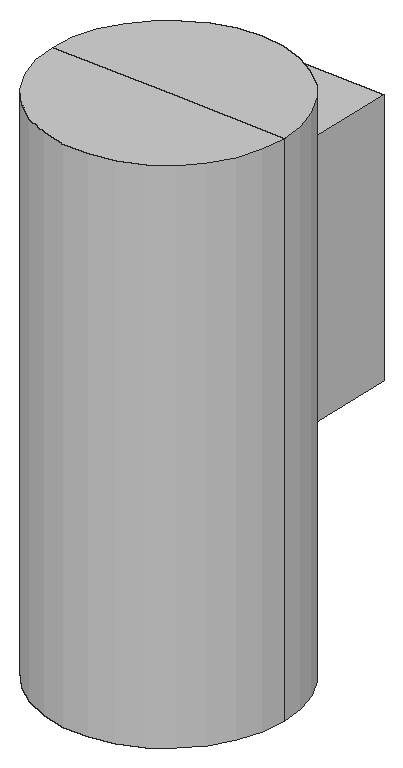
Revit family "WALL SINGLE TUBE 02_AM18W.1.12", category Luminarias, Revit 2019
Family settings
  Cota de conector redondo = Diámetro de uso
  Tipo de pieza = Normal
  Se basa en plano de trabajo = Sí
  Siempre vertical = No
  Corte con vacíos al cargar = No
  Origen de luz = Sí
  Compartido = No
  Punto de cálculo de habitación = No
Parameters (values of type "WALL SINGLE TUBE 02_AM18W.1.12")
  Ángulo de inclinación = 60.00°
  Zone [instance] = ""
  Watt per fixture = 20
  Wattage = 20 W
  built-in parameter 1150107 = 3000 (stored number, unit not read)
  built-in parameter 1150110 = 1 (stored number, unit not read)
  built-in parameter 1150109 = 1 (stored number, unit not read)
  built-in parameter 1150112 = 1 (stored number, unit not read)
  built-in parameter 1150113 = 1 (stored number, unit not read)
  built-in parameter 1114218 = 1 (stored number, unit not read)
  Keynote = ""
  built-in parameter 1150137 = (empty or 0)
  built-in parameter 1150132 = (empty or 0)
  Modelo = "AM18W.1.12"
  Lámpara = "NICHIA"
  built-in parameter 1150105 = 113.95 (stored number, unit not read)
  built-in parameter 1150102 = (empty or 0)
  built-in parameter 1150106 = 1.1395 (stored number, unit not read)
  Lumens = 1432 lm
  Color Filter = 16777215
  built-in parameter 1114217 = 1 (stored number, unit not read)
  built-in parameter 1150139 = (empty or 0)
  Fabricante = "BRILLANT"
  Default Elevation = 0 mm
  built-in parameter 1150104 = 6.6519 (stored number, unit not read)
  Descripción = "LUMINARIA DIRIGIBLE EN FORMA TUBULAR TIPO ARBOTANTE, DE MATERIAL EN ALEACION DE ALUMINIO EXTRUIDO CON UN PESO DE 2KG, CON 1 LED TIPO NICHIA CON UNA POTENCIA TOTAL DE 20W, 1432 LUMENES, TEMPERATURA EN BLANCO CALIDO 3000K, IRC 80, IP 65, IK10, APERTURA DE  12 GRADOS POR PROYECTO, CORRIENTE DE OPERACIÓN 178mA, CABLE DE 0.3M, ALIMENTADO A 100-277VAC"
  built-in parameter 1150115 = 1 (stored number, unit not read)
  built-in parameter 1150114 = 1 (stored number, unit not read)
  Comentarios de vataje = "100-277V"
  built-in parameter 1150138 = (empty or 0)
  built-in parameter 1150134 = (empty or 0)
  Circuit [instance] = ""
  Dimming Lamp Color Temperature Shift = (empty or 0)
  Archivo de red fotométrica = "AM18W.1_12º.IES"
  built-in parameter 1150133 = 10 (stored number, unit not read)
Reference planes
  plane 1 "Centro (Frontal/Posterior)": y = 0
  plane 2: z = 0
  plane 3 "Centro (Izquierda/Derecha)": x = 0
Forms (mm)
  Revolve 1, solid, material "Cristal", not visible
    sketch origin (-152, 0, 0) x (0, 1, 0) y (0, 0, -1)
      loop
        line (0, -8.749) -> (0, -7.25) -> (-1.499, -7.25)
        arc (-1.499, -7.25) -> (-1.06, -8.31) -> (0, -8.749) r 1.499
      axis (0, -7.25) -> (-1.499, -7.25)
    angle from 0 to 360
  Revolve 2, solid, material "Cristal", not visible
    sketch origin (-136, 0, 0) x (0, 1, 0) y (0, 0, -1)
      loop
        line (0, -8.749) -> (0, -7.25) -> (-1.499, -7.25)
        arc (-1.499, -7.25) -> (-1.06, -8.31) -> (0, -8.749) r 1.499
      axis (0, -7.25) -> (-1.499, -7.25)
    angle from 0 to 360
  Revolve 3, solid, material "Cristal", not visible
    sketch origin (-120, 0, 0) x (0, 1, 0) y (0, 0, -1)
      loop
        line (0, -8.749) -> (0, -7.25) -> (-1.499, -7.25)
        arc (-1.499, -7.25) -> (-1.06, -8.31) -> (0, -8.749) r 1.499
      axis (0, -7.25) -> (-1.499, -7.25)
    angle from 0 to 360
  Revolve 4, solid, material "Cristal", not visible
    sketch origin (-104, 0, 0) x (0, 1, 0) y (0, 0, -1)
      loop
        line (0, -8.749) -> (0, -7.25) -> (-1.499, -7.25)
        arc (-1.499, -7.25) -> (-1.06, -8.31) -> (0, -8.749) r 1.499
      axis (0, -7.25) -> (-1.499, -7.25)
    angle from 0 to 360
  Revolve 5, solid, material "Cristal", not visible
    sketch origin (-88, 0, 0) x (0, 1, 0) y (0, 0, -1)
      loop
        line (0, -8.749) -> (0, -7.25) -> (-1.499, -7.25)
        arc (-1.499, -7.25) -> (-1.06, -8.31) -> (0, -8.749) r 1.499
      axis (0, -7.25) -> (-1.499, -7.25)
    angle from 0 to 360
  Revolve 6, solid, material "Cristal", not visible
    sketch origin (-72, 0, 0) x (0, 1, 0) y (0, 0, -1)
      loop
        line (0, -8.749) -> (0, -7.25) -> (-1.499, -7.25)
        arc (-1.499, -7.25) -> (-1.06, -8.31) -> (0, -8.749) r 1.499
      axis (0, -7.25) -> (-1.499, -7.25)
    angle from 0 to 360
  Revolve 7, solid, material "Cristal", not visible
    sketch origin (-56, 0, 0) x (0, 1, 0) y (0, 0, -1)
      loop
        line (0, -8.749) -> (0, -7.25) -> (-1.499, -7.25)
        arc (-1.499, -7.25) -> (-1.06, -8.31) -> (0, -8.749) r 1.499
      axis (0, -7.25) -> (-1.499, -7.25)
    angle from 0 to 360
  Revolve 8, solid, material "Cristal", not visible
    sketch origin (-40, 0, 0) x (0, 1, 0) y (0, 0, -1)
      loop
        line (0, -8.749) -> (0, -7.25) -> (-1.499, -7.25)
        arc (-1.499, -7.25) -> (-1.06, -8.31) -> (0, -8.749) r 1.499
      axis (0, -7.25) -> (-1.499, -7.25)
    angle from 0 to 360
  Revolve 9, solid, material "Cristal", not visible
    sketch origin (-24, 0, 0) x (0, 1, 0) y (0, 0, -1)
      loop
        line (0, -8.749) -> (0, -7.25) -> (-1.499, -7.25)
        arc (-1.499, -7.25) -> (-1.06, -8.31) -> (0, -8.749) r 1.499
      axis (0, -7.25) -> (-1.499, -7.25)
    angle from 0 to 360
  Revolve 10, solid, material "Cristal", not visible
    sketch origin (-8, 0, 0) x (0, 1, 0) y (0, 0, -1)
      loop
        line (0, -8.749) -> (0, -7.25) -> (-1.499, -7.25)
        arc (-1.499, -7.25) -> (-1.06, -8.31) -> (0, -8.749) r 1.499
      axis (0, -7.25) -> (-1.499, -7.25)
    angle from 0 to 360
  Revolve 11, solid, material "Cristal", not visible
    sketch origin (8, 0, 0) x (0, 1, 0) y (0, 0, -1)
      loop
        line (0, -8.749) -> (0, -7.25) -> (-1.499, -7.25)
        arc (-1.499, -7.25) -> (-1.06, -8.31) -> (0, -8.749) r 1.499
      axis (0, -7.25) -> (-1.499, -7.25)
    angle from 0 to 360
  Revolve 12, solid, material "Cristal", not visible
    sketch origin (24, 0, 0) x (0, 1, 0) y (0, 0, -1)
      loop
        line (0, -8.749) -> (0, -7.25) -> (-1.499, -7.25)
        arc (-1.499, -7.25) -> (-1.06, -8.31) -> (0, -8.749) r 1.499
      axis (0, -7.25) -> (-1.499, -7.25)
    angle from 0 to 360
  Revolve 13, solid, material "Cristal", not visible
    sketch origin (40, 0, 0) x (0, 1, 0) y (0, 0, -1)
      loop
        line (0, -8.749) -> (0, -7.25) -> (-1.499, -7.25)
        arc (-1.499, -7.25) -> (-1.06, -8.31) -> (0, -8.749) r 1.499
      axis (0, -7.25) -> (-1.499, -7.25)
    angle from 0 to 360
  Revolve 14, solid, material "Cristal", not visible
    sketch origin (56, 0, 0) x (0, 1, 0) y (0, 0, -1)
      loop
        line (0, -8.749) -> (0, -7.25) -> (-1.499, -7.25)
        arc (-1.499, -7.25) -> (-1.06, -8.31) -> (0, -8.749) r 1.499
      axis (0, -7.25) -> (-1.499, -7.25)
    angle from 0 to 360
  Revolve 15, solid, material "Cristal", not visible
    sketch origin (72, 0, 0) x (0, 1, 0) y (0, 0, -1)
      loop
        line (0, -8.749) -> (0, -7.25) -> (-1.499, -7.25)
        arc (-1.499, -7.25) -> (-1.06, -8.31) -> (0, -8.749) r 1.499
      axis (0, -7.25) -> (-1.499, -7.25)
    angle from 0 to 360
  Revolve 16, solid, material "Cristal", not visible
    sketch origin (88, 0, 0) x (0, 1, 0) y (0, 0, -1)
      loop
        line (0, -8.749) -> (0, -7.25) -> (-1.499, -7.25)
        arc (-1.499, -7.25) -> (-1.06, -8.31) -> (0, -8.749) r 1.499
      axis (0, -7.25) -> (-1.499, -7.25)
    angle from 0 to 360
  Revolve 17, solid, material "Cristal", not visible
    sketch origin (104, 0, 0) x (0, 1, 0) y (0, 0, -1)
      loop
        line (0, -8.749) -> (0, -7.25) -> (-1.499, -7.25)
        arc (-1.499, -7.25) -> (-1.06, -8.31) -> (0, -8.749) r 1.499
      axis (0, -7.25) -> (-1.499, -7.25)
    angle from 0 to 360
  Revolve 18, solid, material "Cristal", not visible
    sketch origin (120, 0, 0) x (0, 1, 0) y (0, 0, -1)
      loop
        line (0, -8.749) -> (0, -7.25) -> (-1.499, -7.25)
        arc (-1.499, -7.25) -> (-1.06, -8.31) -> (0, -8.749) r 1.499
      axis (0, -7.25) -> (-1.499, -7.25)
    angle from 0 to 360
  Revolve 19, solid, material "Cristal", not visible
    sketch origin (136, 0, 0) x (0, 1, 0) y (0, 0, -1)
      loop
        line (0, -8.749) -> (0, -7.25) -> (-1.499, -7.25)
        arc (-1.499, -7.25) -> (-1.06, -8.31) -> (0, -8.749) r 1.499
      axis (0, -7.25) -> (-1.499, -7.25)
    angle from 0 to 360
  Revolve 20, solid, material "Cristal", not visible
    sketch origin (152, 0, 0) x (0, 1, 0) y (0, 0, -1)
      loop
        line (0, -8.749) -> (0, -7.25) -> (-1.499, -7.25)
        arc (-1.499, -7.25) -> (-1.06, -8.31) -> (0, -8.749) r 1.499
      axis (0, -7.25) -> (-1.499, -7.25)
    angle from 0 to 360
  Revolve 21, solid, material "Acero Inoxidable"
    sketch origin (0, -72, 120.325) x (-1, 0, 0) y (0, 0, 1)
      loop
        line (0, 104.435) -> (-50, 104.435) -> (-50, -120.325) -> (-45.45, -120.325) -> (-45.45, -119.441) -> (-44.649, -119.441) -> (-44.649, -120.325) -> (-39.84, -120.325) -> (-39.84, -119.453)
        arc (-39.84, -119.453) -> (-29.528, -112.244) -> (-17.374, -108.997) r 36.226
        line (-17.374, -108.997) -> (0, -108.997) -> (0, 104.435)
      axis (0, 104.435) -> (0, -120.325)
    angle from 0 to 360
  Extrusion 22, solid, material "Cristal"
    sketch origin (0, 19.494, 0) x (1, 0, 0) y (0, 1, 0)
      loop
        circle (0, -91.494) r 40
    from 0 to 0.872
  Extrusion 23, solid, material "Acero Inoxidable"
    sketch origin (0, 0, 0) x (1, 0, 0) y (0, 1, 0)
      loop
        line (-35, 0) -> (-35, -52.635)
        arc (-35, -52.635) -> (0, -32) -> (35, -52.635) r 40
        line (35, -52.635) -> (35, 0) -> (-35, 0)
    from 94.411 to 204.715
  Extrusion 24, void
    sketch origin (0, 0, 0) x (1, 0, 0) y (0, 1, 0)
      loop
        circle (0, -29.396) r 1.283
      loop
        circle (-40.519, -58.835) r 1.283
      loop
        circle (25.042, -106.468) r 1.283
      loop
        circle (40.519, -58.835) r 1.283
      loop
        circle (-25.042, -106.468) r 1.283
    from 0 to 1.671
  Extrusion 25, solid, material "Acero Inoxidable"
    sketch origin (0, 0, 0) x (1, 0, 0) y (0, 1, 0)
      loop
        circle (25.042, -106.468) r 1.084
      loop
        line (24.252, -106.468) -> (24.647, -107.152) -> (25.437, -107.152) -> (25.832, -106.468) -> (25.437, -105.783) -> (24.647, -105.783) -> (24.252, -106.468)
      loop
        circle (-25.042, -106.468) r 1.084
      loop
        line (-25.832, -106.468) -> (-25.437, -107.152) -> (-24.647, -107.152) -> (-24.252, -106.468) -> (-24.647, -105.783) -> (-25.437, -105.783) -> (-25.832, -106.468)
      loop
        circle (-40.519, -58.835) r 1.084
      loop
        line (-39.729, -58.835) -> (-40.124, -58.15) -> (-40.914, -58.15) -> (-41.309, -58.835) -> (-40.914, -59.519) -> (-40.124, -59.519) -> (-39.729, -58.835)
      loop
        circle (-0.023, -29.396) r 1.084
      loop
        line (-0.813, -29.396) -> (-0.418, -30.08) -> (0.372, -30.08) -> (0.767, -29.396) -> (0.372, -28.711) -> (-0.418, -28.711) -> (-0.813, -29.396)
      loop
        circle (40.519, -58.835) r 1.084
      loop
        line (41.309, -58.835) -> (40.914, -58.15) -> (40.124, -58.15) -> (39.729, -58.835) -> (40.124, -59.519) -> (40.914, -59.519) -> (41.309, -58.835)
    from 0 to 1.671
  Extrusion 26, void
    sketch origin (0, 0, 0) x (1, 0, 0) y (0, 1, 0)
      loop
        circle (-20.22, -13.334) r 3.469
      loop
        circle (20.22, -13.334) r 3.469
    from 94.411 to 97.721
  Extrusion 27, solid, material "Aluminio"
    sketch origin (0, 0, 0) x (1, 0, 0) y (0, 1, 0)
      loop
        circle (-20.22, -13.334) r 3.271
      loop
        line (-22.643, -12.929) -> (-22.643, -13.738) -> (-20.62, -13.738) -> (-20.62, -15.757) -> (-19.82, -15.757) -> (-19.82, -13.738) -> (-17.797, -13.738) -> (-17.797, -12.929) -> (-19.82, -12.929) -> (-19.82, -10.911) -> (-20.62, -10.911) -> (-20.62, -12.929) -> (-22.643, -12.929)
      loop
        circle (20.22, -13.334) r 3.271
      loop
        line (22.643, -12.929) -> (20.62, -12.929) -> (20.62, -10.911) -> (19.82, -10.911) -> (19.82, -12.929) -> (17.797, -12.929) -> (17.797, -13.738) -> (19.82, -13.738) -> (19.82, -15.757) -> (20.62, -15.757) -> (20.62, -13.738) -> (22.643, -13.738) -> (22.643, -12.929)
    from 94.411 to 97.721
Cuts and joins
  Extrusion 24 cuts Revolve 21
  Extrusion 26 cuts Extrusion 23
Lines and regions (mm)
  model lines
    curve 1: line (0, 0, 0) -> (0, -112, 0)
    curve 2: line (0, 0, 0) -> (0, -140, 0)
    curve 3: line (50, 0, 169) -> (50, 0, 189)
    curve 4: line (-1.283, -29.396, 0) -> (1.283, -29.396, 0)
Dimensions and locks
  equal spacing: Extrusion 23 sketch curve, plane 3 "Centro (Izquierda/Derecha)", Extrusion 23 sketch curve
  Extrusion 23 sketch curve to plane 3 "Centro (Izquierda/Derecha)" = 35 mm
  Extrusion 23 sketch curve to Extrusion 23 sketch curve = 70 mm
  Extrusion 23 to Extrusion 23 = 70 mm
  Extrusion 23 to Extrusion 23 = 110.303 mm
  cut or joined group of Revolve 21, Extrusion 24 to cut or joined group of Revolve 21, Extrusion 24 = 224.761 mm
  aligned and locked: level to plane 2
  aligned and locked: Extrusion 22 to level
  aligned and locked: Extrusion 26 to Extrusion 27
  aligned and locked: Extrusion 23 to Extrusion 26
Connectors
  electrical at (0, 0, 149.563)
    settings: on cut or joined group of Extrusion 23, Extrusion 26, index 1, voltage 277 V, apparent load 0 VA, apparent load phase1 0 VA, apparent load phase2 0 VA, apparent load phase3 0 VA, power factor 1, load classification "Otro", number of poles 1, system type 31, power factor state 1, is connector primary yes, connector utility no, sub classification motor no, connector description ""
